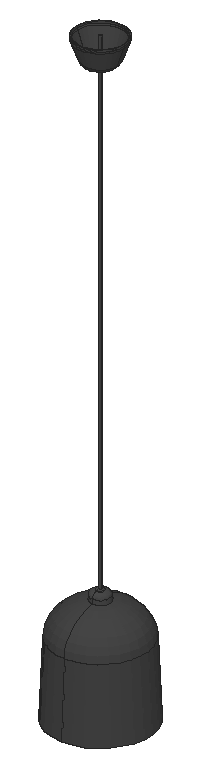
Revit family "Lighting_Pendants_Nordlux_Angle_E27", category Lighting Fixtures, Revit 2017
Family settings
  Round Connector Dimension = Use Diameter
  Part Type = Normal
  OmniClass Number = 23.80.70.00
  OmniClass Title = Lighting
  Work Plane-Based = No
  Always vertical = Yes
  Cut with Voids When Loaded = No
  Light Source = Yes
  Shared = No
  Room Calculation Point = No
Parameters (values of type "Angle E27 - Black")
  WireHeight [instance] = 1000 mm
  WireHeightControl [instance] = if(WireHeight < 300 mm, 300 mm, if(WireHeight > 3000 mm, 3000 mm, WireHeight))  # 1000 mm
  Wattage = 9.2903 W
  WarrantyStartDate [instance] = "n/a"
  WarrantyGuarantorParts = "n/a"
  WarrantyGuarantorLabor = "n/a"
  WarrantyDurationUnit = "Hours"
  WarrantyDurationParts = "n/a"
  WarrantyDurationLabor = "n/a"
  WarrantyDescription = "n/a"
  built-in parameter 1150110 = 1 (stored number, unit not read)
  VersionDate = "19/11/2020"  # constant formula
  Version = "1"  # constant formula
  UsageCurrent = 0 A
  Uniclass2015Reference = "Pr_70_70_48_62"
  Uniclass2015Description = "Pendant luminaires\r\n"
  Uniclass2 = "Pr_70_70_49_86"
  URL = "https://www.nordlux.com/products/product/2020673003"
  TotalWattage = 60 W
  built-in parameter 1114217 = 1 (stored number, unit not read)
  Tilt Angle = 90.00°
  built-in parameter 1150109 = 1 (stored number, unit not read)
  built-in parameter 1150134 = (empty or 0)
  TagNumber [instance] = "n/a"
  SustainabilityPerformance = "n/a"
  built-in parameter 1150113 = 1 (stored number, unit not read)
  built-in parameter 1010507 = 1.5708 (stored number, unit not read)
  built-in parameter 1010506 = 0.5236 (stored number, unit not read)
  Size = "206x206x247 mm"
  Shape = "Sculptured"
  SerialNumber [instance] = "n/a"
  Revision = "n/a"
  ReplacementCost = "n/a"
  ProductInformation = "Angle is contemporary and exclusive lighting with an industrial look. The special feature of this lamp is the ability to determine the direction of the light via the magnet mounted on the cord. The lamp looks great in clusters of several units which are angled differently. It creates a gorgeous expression and adds a bit of ambience to any room. Designed by Maria Berntsen. Angle in black is very modern and has lots of uses – for example, use it to illuminate the reading corner or in the kitchen, where the light can be directed to where the need is particularly great."
  ProductDatasheet = "http://pim.skypim.com/show?objectid=327103381&template=ORG"
  Product data url = ""
  PhaseReference = "n/a"
  PhaseAngle = 0.00°
  NumberOfSources = 0
  NumberOfPoles = 1
  NominalWidth = 206 mm
  NominalVoltageCalc = 0 V
  NominalVoltage = 230 V
  NominalRadius = NominalDiameter / 2  # 103 mm
  NominalLength = 206 mm
  NominalHeight = 247.178 mm
  NominalFrequencyRange = 50 Hz
  NominalDiameter = NominalLength  # 206 mm
  NominalCurrent = 0 A
  Name = "Angle_E27"
  NBSReference = "90-60-50/405"
  NBSDescription = "General purpose luminaires"
  ModelReference = ArticleNumber  # "2020673003"
  ModelNumber = "n/a"
  Model = "Angle E27 - Black"
  Material = "Metal & Plastic"  # constant formula
  ManufacturersSpecificInformation = "n/a"
  ManufacturerURL = "https://www.nordlux.com/"
  ManufacturerName = "Nordlux"
  Manufacturer = "Nordlux"
  MaintenanceFactor = 0
  Lumens = 1380 lm
  built-in parameter 1150115 = 1 (stored number, unit not read)
  built-in parameter 1150105 = 4614.1 (stored number, unit not read)
  LightFixtureSecondaryMaterial = Plastic, Opaque Black
  LightFixturePlacingType = "Ceiling"
  LightFixtureMountingType = "Suspended"
  LightFixtureMainMaterial = Black Metal
  Light Source Symbol Length = 300 mm
  built-in parameter 1150137 = (empty or 0)
  built-in parameter 1150139 = (empty or 0)
  built-in parameter 1150112 = 1 (stored number, unit not read)
  built-in parameter 1150114 = 1 (stored number, unit not read)
  InsulationStandardClass = "Class 2 Double Isolated"
  InstallationDate [instance] = "n/a"
  built-in parameter 1150132 = 2
  built-in parameter 1150102 = (empty or 0)
  built-in parameter 1150138 = (empty or 0)
  built-in parameter 1150107 = 3000 (stored number, unit not read)
  built-in parameter 1150106 = 46.141 (stored number, unit not read)
  IfcExportType = "NOTDEFINED"  # constant formula
  IfcExportAs = "IfcLightFixtureType"  # constant formula
  IP_Code = "IP20"
  HasProtectiveEarth = no
  Grade = "n/a"
  Finish = "n/a"
  Features = "Lamp can be dimmed with compatible bulb.Magnet on the textile cord for directing the light in any direction."
  ExpectedLife = "n/a"
  ElectricalDeviceNominalPower = 0
  built-in parameter 1150104 = 13.8 (stored number, unit not read)
  EAN Number = "5704924003035"
  DurationUnit = "Hours"
  Dimming Lamp Color Temperature Shift = <None>
  Designer = "Maria Berntsen"
  Description = "Angle is contemporary and exclusive lighting with an industrial look. The special feature of this lamp is the ability to determine the direction of the light via the magnet mounted on the cord. The lamp looks great in clusters of several units which are angled differently. It creates a gorgeous expression and adds a bit of ambience to any room. Designed by Maria Berntsen. Angle in black is very modern and has lots of uses – for example, use it to illuminate the reading corner or in the kitchen, where the light can be directed to where the need is particularly great."
  DefaultElevation = 4000 mm
  Cost = 0  # constant formula
  ConvergoRefNr = "0143-2009-0015-DK"
  Constituents = "n/a"
  Color Filter = 16777215
  Color = "Black"
  Collection = "Angle E27"
  CodePerformance = "n/a"
  Category = "Pendants"
  Brand = "Nordlux"
  Barcode [instance] = "n/a"
  built-in parameter 1114218 = 1 (stored number, unit not read)
  BIMObjectName = "Lighting_Pendants_Nordlux_Angle_E27"
  Author = "Convergo AB"  # constant formula
  built-in parameter 1150133 = 10 (stored number, unit not read)
  AssetType = "Fixed"
  AssetIdentifier [instance] = "n/a"
  ArticleNumber = "2020673003"
  AccessibilityPerformance = "n/a"
Types (4, lengths in mm): name | URL | ProductInformation | ProductDatasheet | ModelReference | Model | LightFixtureSecondaryMaterial | LightFixtureMainMaterial | EAN Number | Description | Color | ArticleNumber
  (no name) | "https://www.nordlux.com/products/product/2020673003" | "Angle is contemporary and exclusive lighting with an industrial look. The special feature of this lamp is the ability to determine the direction of the light via the magnet mounted on the cord. The lamp looks great in clusters of several units which are angled differently. It creates a gorgeous expression and adds a bit of ambience to any room. Designed by Maria Berntsen. Angle in black is very modern and has lots of uses – for example, use it to illuminate the reading corner or in the kitchen, where the light can be directed to where the need is particularly great." | "http://pim.skypim.com/show?objectid=327103381&template=ORG" | "2020673003" | "Angle E27 - Black" | Plastic, Opaque Black | Black Metal | "5704924003035" | "Angle is contemporary and exclusive lighting with an industrial look. The special feature of this lamp is the ability to determine the direction of the light via the magnet mounted on the cord. The lamp looks great in clusters of several units which are angled differently. It creates a gorgeous expression and adds a bit of ambience to any room. Designed by Maria Berntsen. Angle in black is very modern and has lots of uses – for example, use it to illuminate the reading corner or in the kitchen, where the light can be directed to where the need is particularly great." | "Black" | "2020673003"
  Angle E27 - Black | "https://www.nordlux.com/products/product/2020673003" | "Angle is contemporary and exclusive lighting with an industrial look. The special feature of this lamp is the ability to determine the direction of the light via the magnet mounted on the cord. The lamp looks great in clusters of several units which are angled differently. It creates a gorgeous expression and adds a bit of ambience to any room. Designed by Maria Berntsen. Angle in black is very modern and has lots of uses – for example, use it to illuminate the reading corner or in the kitchen, where the light can be directed to where the need is particularly great." | "http://pim.skypim.com/show?objectid=327103381&template=ORG" | "2020673003" | "Angle E27 - Black" | Plastic, Opaque Black | Black Metal | "5704924003035" | "Angle is contemporary and exclusive lighting with an industrial look. The special feature of this lamp is the ability to determine the direction of the light via the magnet mounted on the cord. The lamp looks great in clusters of several units which are angled differently. It creates a gorgeous expression and adds a bit of ambience to any room. Designed by Maria Berntsen. Angle in black is very modern and has lots of uses – for example, use it to illuminate the reading corner or in the kitchen, where the light can be directed to where the need is particularly great." | "Black" | "2020673003"
  Angle E27 - White-grey | "https://www.nordlux.com/products/product/2020673001" | "Angle is contemporary and exclusive lighting with an industrial look. The special feature of this lamp is the ability to determine the direction of the light via the magnet mounted on the cord. The lamp looks great in clusters of several units which are angled differently. It creates a gorgeous expression and adds a bit of ambience to any room. Designed by Maria Berntsen. Angle in white-grey is very modern and has lots of uses – for example, use it to illuminate the reading corner or in the kitchen, where the light can be directed to where the need is particularly great." | "http://pim.skypim.com/show?objectid=327103039&template=ORG" | "2020673001" | "Angle E27 - White-grey" | Plastic, Opaque White | White Metal | "5704924003028" | "Angle is contemporary and exclusive lighting with an industrial look. The special feature of this lamp is the ability to determine the direction of the light via the magnet mounted on the cord. The lamp looks great in clusters of several units which are angled differently. It creates a gorgeous expression and adds a bit of ambience to any room. Designed by Maria Berntsen. Angle in white-grey is very modern and has lots of uses – for example, use it to illuminate the reading corner or in the kitchen, where the light can be directed to where the need is particularly great." | "White-grey" | "2020673001"
  Angle E27 - Grey | "https://www.nordlux.com/products/product/2020673011" | "Angle is contemporary and exclusive lighting with an industrial look. The special feature of this lamp is the ability to determine the direction of the light via the magnet mounted on the cord. The lamp looks great in clusters of several units which are angled differently. It creates a gorgeous expression and adds a bit of ambience to any room. Designed by Maria Berntsen. Angle in grey is very modern and has lots of uses – for example, use it to illuminate the reading corner or in the kitchen, where the light can be directed to where the need is particularly great." | "http://pim.skypim.com/show?objectid=327103721&template=ORG" | "2020673011" | "Angle E27 - Grey" | Plastic, Opaque Grey | Grey Metal | "5704924003042" | "Angle is contemporary and exclusive lighting with an industrial look. The special feature of this lamp is the ability to determine the direction of the light via the magnet mounted on the cord. The lamp looks great in clusters of several units which are angled differently. It creates a gorgeous expression and adds a bit of ambience to any room. Designed by Maria Berntsen. Angle in grey is very modern and has lots of uses – for example, use it to illuminate the reading corner or in the kitchen, where the light can be directed to where the need is particularly great." | "Grey" | "2020673011"
Reference planes
  plane 1 "Light Source Axis (F/B)": y = 0
  plane 2: z = 0
  plane 3 "Light Source Axis (L/R)": x = 0
  plane 4 "Light Source Elevation": z = 2822.636
  plane 5: x = -103
  plane 6: x = 103
  plane 7: y = -103
  plane 8: y = 103
  plane 9: z = 4000
  plane 10: z = 3946.225
  plane 11: z = 2946.225
  plane 12: z = 2699.047
  plane 13: x = -103
  plane 14: x = 103
  plane 15: y = -103
  plane 16: y = 103
Forms (mm)
  Extrusion 1, solid, material "Plastic, Opaque Black" <- "LightFixtureSecondaryMaterial", detail levels medium+fine
    sketch origin (0, 0, 0) x (1, 0, 0) y (0, 1, 0)
      loop
        circle (0, 0) r 3
    from 2946.225 to 3946.225
  Extrusion 2, solid, material "Black Metal" <- "LightFixtureMainMaterial", detail levels coarse
    sketch origin (0, 0, 0) x (0, 1, 0) y (0, 0, 1)
      loop
        line (103, 4000) -> (-103, 4000) -> (-103, 2699.047) -> (103, 2699.047) -> (103, 4000)
    from -103 to 103
  Extrusion 3, solid, material "Plastic, Opaque Black" <- "LightFixtureSecondaryMaterial", detail levels medium+fine
    sketch origin (0, 0, 0) x (1, 0, 0) y (0, 1, 0)
      loop
        circle (0, 0) r 3
    from 4000 to 3946.225
Lines and regions (mm)
  symbolic lines, detail levels medium+fine
    curve 1: line (-3, 0, 2946.225) -> (-3, 0, 3946.225)
    curve 2: line (3, 0, 3946.225) -> (3, 0, 2946.225)
    curve 3: line (0, 3, 2946.225) -> (0, 3, 3946.225)
    curve 4: line (0, -3, 2946.225) -> (0, -3, 3946.225)
Dimensions and locks
  equal spacing: plane 5, imposter light, plane 6
  equal spacing: plane 8, imposter light, plane 7
  "DefaultElevation": plane 9 to level
  locked: plane 9 to plane 10 at 53.775
  "WireHeightControl": plane 10 to plane 11
  Extrusion 2 sketch curve to Extrusion 2 sketch curve = 206 mm
  locked: plane 4 "Light Source Elevation" to plane 12 at 123.589
  "NominalHeight": plane 11 to plane 12
  equal spacing: plane 13, plane 3 "Light Source Axis (L/R)", plane 14
  equal spacing: plane 15, plane 1 "Light Source Axis (F/B)", plane 16
  "NominalLength": plane 13 to plane 14
  "NominalWidth": plane 15 to plane 16
  aligned and locked: plane 3 "Light Source Axis (L/R)" to imposter light
  aligned and locked: imposter light to plane 1 "Light Source Axis (F/B)"
  aligned and locked: plane 4 "Light Source Elevation" to imposter light
  aligned and locked: level to plane 2
  aligned and locked: nested 2 to plane 9
  aligned and locked: plane 10 to nested 2
  aligned and locked: plane 11 to nested 1
  aligned and locked: plane 10 to Extrusion 1
  aligned and locked: Extrusion 1 to plane 11
  aligned and locked: Extrusion 2 sketch curve to nested 1
  aligned and locked: Extrusion 3 to nested 2  (x2)
  aligned and locked: plane 11 to curve 1
  aligned and locked: plane 11 to curve 2
  aligned and locked: plane 10 to curve 1
  aligned and locked: plane 10 to curve 2
  aligned and locked: plane 11 to curve 3
  aligned and locked: plane 11 to curve 4
  aligned and locked: plane 10 to curve 3
  aligned and locked: plane 10 to curve 4
  aligned and locked: plane 12 to Extrusion 2
Automatic sketch dimensions
  plane 1 "Light Source Axis (F/B)" to Extrusion 1 sketch curve = 0 mm
  Extrusion 1 sketch curve to plane 3 "Light Source Axis (L/R)" = 0 mm
  Extrusion 2 sketch curve to plane 7 = 0 mm
  Extrusion 2 sketch curve to plane 9 = 0 mm
  Extrusion 3 sketch curve to plane 3 "Light Source Axis (L/R)" = 0 mm
  Extrusion 3 sketch curve to plane 8 = 103 mm
  curve 1 to plane 3 "Light Source Axis (L/R)" = 3 mm
  plane 3 "Light Source Axis (L/R)" to curve 2 = 3 mm
  plane 1 "Light Source Axis (F/B)" to curve 4 = 3 mm
  curve 3 to plane 1 "Light Source Axis (F/B)" = 3 mm
  radius of Extrusion 1 sketch curve = 3 mm
  radius of Extrusion 3 sketch curve = 3 mm
Nested families
  nested 1: "Angle E27_Body" at (0, 0, 2699.047), Material 1 <- "LightFixtureMainMaterial", Material 2 <- "LightFixtureSecondaryMaterial", Wire <- "WireHeightControl", type "Angle E27_Body"
    with Wire 1000 mm, Material 2 Plastic, Opaque Black, Material 1 Black Metal
  nested 2: "Angle E27_celing" at (0, 0, 3915.065), Material1 <- "LightFixtureMainMaterial", type "Angle E27_celing"
    with Material1 Black Metal
Connectors
  electrical at (0, 0, 4000), driven by "NominalVoltage"
    settings: on Extrusion 3, index 1, voltage 230 V, apparent load 0 VA, apparent load phase1 0 VA, apparent load phase2 0 VA, apparent load phase3 0 VA, power factor 1, load classification "Other", number of poles 1, system type 31, power factor state 1, is connector primary yes, connector utility no, sub classification motor no, connector description ""
Definition of nested family "Angle E27_Body"
  Parameters (values of type "Angle E27_Body")
    Wire [instance] = 175.086 mm
    Material 2 [instance] = none
    Material 1 [instance] = none
  Reference planes
    plane 1 "Center (Front/Back)": y = 0
    plane 2: z = 0
    plane 3 "Center (Left/Right)": x = 0
    plane 4: x = -103
    plane 5: x = 103
    plane 6: y = 103
    plane 7: y = -103
    plane 8: z = 247.178
  Forms (mm)
    Revolve 1, solid, material <- "Material 1", detail levels medium+fine
      sketch origin (0, 0, 0) x (0, 1, 0) y (0, 0, 1)
        loop
          line (0, 228.259) -> (0, 226.259)
          spline (0, 226.259) -> (12.198, 225.636) -> (24.184, 223.796) -> (35.751, 220.782) -> (46.695, 216.636) -> (56.824, 211.426) -> (65.965, 205.256) -> (73.963, 198.238) -> (80.682, 190.497) -> (86.019, 182.171) -> (89.887, 173.404) -> (92.228, 164.344) -> (93.014, 155.136)
          line (93.014, 155.136) -> (96.814, 81.286) -> (0, 81.286) -> (0, 79.286) -> (96.917, 79.286) -> (100.997, 0) -> (103, 0) -> (95.017, 155.134)
          spline (95.017, 155.134) -> (94.204, 164.679) -> (91.779, 174.06) -> (87.784, 183.118) -> (82.287, 191.696) -> (75.382, 199.65) -> (67.187, 206.841) -> (57.842, 213.148) -> (47.508, 218.462) -> (36.361, 222.692) -> (24.592, 225.767) -> (12.402, 227.633) -> (0, 228.259)
        axis (0, 228.259) -> (0, 0)
      angle from 0 to 360
    Revolve 2, solid, material <- "Material 2", detail levels medium+fine
      sketch origin (0, 0, 0) x (0, 1, 0) y (0, 0, 1)
        loop
          line (20.131, 224.357) -> (19.619, 234.845)
          arc (19.619, 234.845) -> (16.528, 241.599) -> (9.631, 244.357) r 10
          line (9.631, 244.357) -> (8.071, 244.357)
          arc (8.071, 244.357) -> (7.62, 244.512) -> (7.359, 244.911) r 0.734
          arc (7.359, 244.911) -> (6.292, 246.545) -> (4.447, 247.178) r 3.004
          line (4.447, 247.178) -> (0, 247.178) -> (0, 224.357) -> (20.131, 224.357)
        axis (0, 224.357) -> (0, 247.178)
      angle from 0 to 360
  Lines and regions (mm)
    symbolic lines, detail levels medium+fine
      curve 1: circle (0, 0, 0) r 103 normal (0, 0, 1)
      curve 4: line (3, 0, 247.178) -> (4.462, 0, 247.178)
      curve 5: arc (4.462, 0, 247.178) -> (6.309, 0, 246.542) -> (7.373, 0, 244.904) r 3
      curve 6: arc (7.373, 0, 244.904) -> (7.617, 0, 244.525) -> (8.041, 0, 244.37) r 0.705
      curve 8: line (8.041, 0, 244.37) -> (9.643, 0, 244.37)
      curve 9: arc (9.643, 0, 244.37) -> (16.233, 0, 241.903) -> (19.584, 0, 235.715) r 10.036
      curve 10: line (19.584, 0, 235.715) -> (19.961, 0, 228.522)
      curve 11: arc (19.961, 0, 228.522) -> (19.498, 0, 227.463) -> (18.373, 0, 227.197) r 1.292
      curve 12: line (18.373, 0, 227.197) -> (15.575, 0, 227.197)
      curve 13: spline (95.017, 0, 155.134) -> (94.365, 0, 163.675) -> (92.419, 0, 172.098) -> (89.206, 0, 180.288) -> (84.769, 0, 188.134) -> (79.17, 0, 195.527) -> (72.485, 0, 202.366) -> (64.805, 0, 208.557) -> (56.237, 0, 214.016) -> (46.898, 0, 218.667) -> (36.915, 0, 222.446) -> (26.426, 0, 225.303) -> (15.575, 0, 227.197)
      curve 14: line (95.017, 0, 155.134) -> (103, 0, 0)
      curve 15: line (103, 0, 0) -> (0, 0, 0)
      curve 18: line (-3, 0, 247.178) -> (-4.462, 0, 247.178)
      curve 19: arc (-4.462, 0, 247.178) -> (-6.309, 0, 246.542) -> (-7.373, 0, 244.904) r 3
      curve 20: arc (-7.373, 0, 244.904) -> (-7.617, 0, 244.525) -> (-8.041, 0, 244.37) r 0.705
      curve 22: line (-8.041, 0, 244.37) -> (-9.643, 0, 244.37)
      curve 23: arc (-9.643, 0, 244.37) -> (-16.233, 0, 241.903) -> (-19.584, 0, 235.715) r 10.036
      curve 24: line (-19.584, 0, 235.715) -> (-19.961, 0, 228.522)
      curve 25: arc (-19.961, 0, 228.522) -> (-19.498, 0, 227.463) -> (-18.373, 0, 227.197) r 1.292
      curve 26: line (-18.373, 0, 227.197) -> (-15.575, 0, 227.197)
      curve 27: spline (-95.017, 0, 155.134) -> (-94.365, 0, 163.675) -> (-92.419, 0, 172.098) -> (-89.206, 0, 180.288) -> (-84.769, 0, 188.134) -> (-79.17, 0, 195.527) -> (-72.485, 0, 202.366) -> (-64.805, 0, 208.557) -> (-56.237, 0, 214.016) -> (-46.898, 0, 218.667) -> (-36.915, 0, 222.446) -> (-26.426, 0, 225.303) -> (-15.575, 0, 227.197)
      curve 28: line (-95.017, 0, 155.134) -> (-103, 0, 0)
      curve 29: line (-103, 0, 0) -> (0, 0, 0)
      curve 32: line (0, 3, 247.178) -> (0, 4.534, 247.178)
      curve 33: arc (0, 4.534, 247.178) -> (0, 6.369, 246.525) -> (0, 7.381, 244.861) r 2.908
      curve 34: arc (0, 7.381, 244.861) -> (0, 7.613, 244.489) -> (0, 8.03, 244.356) r 0.634
      curve 35: line (0, 8.03, 244.356) -> (0, 9.849, 244.356)
      curve 36: arc (0, 9.849, 244.356) -> (0, 16.073, 242.106) -> (0, 19.419, 236.396) r 9.733
      curve 37: line (0, 19.419, 236.396) -> (0, 19.565, 235.609)
      curve 38: line (0, 19.565, 235.609) -> (0, 19.93, 228.643)
      curve 39: arc (0, 19.93, 228.643) -> (0, 19.572, 227.633) -> (0, 18.605, 227.172) r 1.4
      curve 40: line (0, 18.605, 227.172) -> (0, 16.123, 227.172)
      curve 42: spline (0, 95.017, 155.134) -> (0, 94.37, 163.645) -> (0, 92.441, 172.039) -> (0, 89.254, 180.204) -> (0, 84.853, 188.028) -> (0, 79.298, 195.404) -> (0, 72.664, 202.233) -> (0, 65.042, 208.421) -> (0, 56.535, 213.884) -> (0, 47.26, 218.549) -> (0, 37.341, 222.35) -> (0, 26.915, 225.238) -> (0, 16.123, 227.172)
      curve 43: line (0, 95.017, 155.134) -> (0, 103, 0)
      curve 44: line (0, 103, 0) -> (0, 0, 0)
      curve 46: line (0, -3, 247.178) -> (0, -4.534, 247.178)
      curve 47: arc (0, -4.534, 247.178) -> (0, -6.369, 246.525) -> (0, -7.381, 244.861) r 2.908
      curve 48: arc (0, -7.381, 244.861) -> (0, -7.613, 244.489) -> (0, -8.03, 244.356) r 0.634
      curve 49: line (0, -8.03, 244.356) -> (0, -9.849, 244.356)
      curve 50: arc (0, -9.849, 244.356) -> (0, -16.073, 242.106) -> (0, -19.419, 236.396) r 9.733
      curve 51: line (0, -19.419, 236.396) -> (0, -19.565, 235.609)
      curve 52: line (0, -19.565, 235.609) -> (0, -19.93, 228.643)
      curve 53: arc (0, -19.93, 228.643) -> (0, -19.572, 227.633) -> (0, -18.605, 227.172) r 1.4
      curve 54: line (0, -18.605, 227.172) -> (0, -16.123, 227.172)
      curve 56: spline (0, -95.017, 155.134) -> (0, -94.37, 163.645) -> (0, -92.441, 172.039) -> (0, -89.254, 180.204) -> (0, -84.853, 188.028) -> (0, -79.298, 195.404) -> (0, -72.664, 202.233) -> (0, -65.042, 208.421) -> (0, -56.535, 213.884) -> (0, -47.26, 218.549) -> (0, -37.341, 222.35) -> (0, -26.915, 225.238) -> (0, -16.123, 227.172)
      curve 57: line (0, -95.017, 155.134) -> (0, -103, 0)
      curve 58: line (0, -103, 0) -> (0, 0, 0)
    symbolic lines, detail levels fine
      curve 2: circle (0, 0, 0) r 95 normal (0, 0, 1)
      curve 3: line (3, 0, 247.178) -> (0, 0, 247.178)
      curve 7: line (8.041, 0, 244.37) -> (0, 0, 244.37)
      curve 16: line (15.575, 0, 227.197) -> (0, 0, 227.197)
      curve 17: line (-3, 0, 247.178) -> (0, 0, 247.178)
      curve 21: line (-8.041, 0, 244.37) -> (0, 0, 244.37)
      curve 30: line (-15.575, 0, 227.197) -> (0, 0, 227.197)
      curve 31: line (0, 3, 247.178) -> (0, 0, 247.178)
      curve 41: line (0, 16.123, 227.172) -> (0, 0, 227.172)
      curve 45: line (0, -3, 247.178) -> (0, 0, 247.178)
      curve 55: line (0, -16.123, 227.172) -> (0, 0, 227.172)
  Dimensions and locks
    equal spacing: plane 4, plane 3 "Center (Left/Right)", plane 5
    locked: plane 4 to plane 5 at 206
    equal spacing: plane 6, plane 1 "Center (Front/Back)", plane 7
    locked: plane 6 to plane 7 at 206
    aligned and locked: level to plane 2
    aligned and locked: level to Revolve 1
    aligned and locked: Revolve 2 sketch curve to plane 8
  Automatic sketch dimensions
    Revolve 1 sketch curve to plane 1 "Center (Front/Back)" = 0 mm  (x3)
    Revolve 1 sketch curve to level = 0 mm
    Revolve 1 sketch curve to plane 6 = 0 mm
    Revolve 1 sketch curve to plane 6 = 9.986 mm
    plane 8 to Revolve 1 sketch curve = 92.044 mm
    Revolve 1 sketch curve to Revolve 1 sketch curve = 0.002 mm
    plane 8 to Revolve 1 sketch curve = 20.919 mm
    Revolve 1 sketch curve to Revolve 1 sketch curve = 2 mm  (x2)
    Revolve 1 sketch curve to plane 6 = 6.083 mm
    Revolve 1 sketch curve to Revolve 1 sketch curve = 0.103 mm
    Revolve 1 sketch curve to level = 5 mm
    Revolve 1 sketch curve to Revolve 1 sketch curve = 15 mm
    level to Revolve 1 sketch curve = 79.286 mm
    curve 1 to curve 2 = 0 mm  (x2)
    plane 1 "Center (Front/Back)" to curve 2 = 0 mm
    curve 2 to plane 3 "Center (Left/Right)" = 0 mm
    curve 29 to level = 0 mm
    curve 29 to plane 4 = 0 mm
    curve 19 to plane 8 = 0 mm
    curve 27 to plane 3 "Center (Left/Right)" = 0 mm
    curve 15 to plane 3 "Center (Left/Right)" = 0 mm
    curve 13 to plane 3 "Center (Left/Right)" = 0 mm
    curve 16 to plane 3 "Center (Left/Right)" = 0 mm
    curve 17 to plane 3 "Center (Left/Right)" = 0 mm
    curve 7 to plane 3 "Center (Left/Right)" = 0 mm
    curve 15 to plane 5 = 0 mm
    plane 4 to curve 28 = 7.983 mm
    curve 24 to plane 3 "Center (Left/Right)" = 19.961 mm
    curve 24 to curve 24 = 0.377 mm
    curve 24 to curve 25 = 1.29 mm
    curve 25 to curve 26 = 0.297 mm
    curve 25 to curve 26 = 2.798 mm
    plane 8 to curve 22 = 2.808 mm
    curve 22 to plane 3 "Center (Left/Right)" = 9.643 mm
    curve 22 to curve 20 = 1.586 mm
    curve 20 to curve 21 = 0.016 mm
    curve 20 to curve 19 = 3.578 mm
    curve 18 to curve 17 = 1.462 mm
    curve 3 to curve 4 = 3 mm
    curve 3 to curve 4 = 1.462 mm
    curve 5 to curve 7 = 3.578 mm
    curve 7 to curve 6 = 0.016 mm
    curve 7 to curve 8 = 1.602 mm
    curve 9 to curve 16 = 5.932 mm
    curve 13 to curve 12 = 2.798 mm
    curve 12 to curve 11 = 0.297 mm
    plane 8 to curve 10 = 11.463 mm
    curve 11 to curve 10 = 0.914 mm
    curve 11 to curve 10 = 1.29 mm
    curve 14 to plane 5 = 7.983 mm
    plane 8 to curve 14 = 92.044 mm
    plane 8 to curve 28 = 92.044 mm
    curve 16 to curve 9 = 7.137 mm
    curve 26 to curve 25 = 1.258 mm
    curve 12 to curve 11 = 1.258 mm
    curve 27 to curve 23 = 7.137 mm
    curve 5 to curve 4 = 3 mm
    curve 19 to curve 18 = 3 mm
    curve 21 to curve 20 = 0.705 mm
    curve 7 to curve 6 = 0.705 mm
    curve 58 to level = 0 mm
    curve 58 to plane 7 = 0 mm
    plane 8 to curve 47 = 0 mm
    curve 56 to plane 1 "Center (Front/Back)" = 0 mm
    curve 41 to plane 1 "Center (Front/Back)" = 0 mm
    curve 44 to plane 1 "Center (Front/Back)" = 0 mm
    curve 45 to plane 1 "Center (Front/Back)" = 0 mm
    curve 42 to plane 1 "Center (Front/Back)" = 0 mm
    curve 44 to plane 6 = 0 mm
    plane 7 to curve 57 = 7.983 mm
    plane 1 "Center (Front/Back)" to curve 52 = 19.93 mm
    curve 53 to curve 52 = 0.365 mm
    curve 51 to curve 51 = 0.146 mm
    curve 52 to curve 54 = 1.325 mm
    curve 52 to curve 53 = 1.398 mm
    curve 53 to curve 55 = 2.482 mm
    plane 8 to curve 49 = 2.822 mm
    plane 1 "Center (Front/Back)" to curve 49 = 9.849 mm
    curve 49 to curve 49 = 1.819 mm
    curve 48 to curve 48 = 0.028 mm
    curve 48 to curve 46 = 3.468 mm
    curve 47 to curve 45 = 1.534 mm
    curve 32 to plane 1 "Center (Front/Back)" = 3 mm
    curve 31 to curve 33 = 1.534 mm
    plane 8 to curve 34 = 2.189 mm
    curve 33 to curve 34 = 3.468 mm
    curve 34 to curve 35 = 0.028 mm
    curve 35 to curve 35 = 1.819 mm
    curve 36 to curve 41 = 6.274 mm
    curve 42 to curve 39 = 2.409 mm
    curve 39 to curve 40 = 0.073 mm
    plane 8 to curve 37 = 10.782 mm
    curve 39 to curve 37 = 0.887 mm
    curve 37 to curve 38 = 0.146 mm
    curve 39 to curve 38 = 1.398 mm
    curve 43 to plane 6 = 7.983 mm
    plane 8 to curve 57 = 92.044 mm
    plane 8 to curve 43 = 92.044 mm
    curve 54 to curve 49 = 17.184 mm
    curve 40 to curve 39 = 1.398 mm
    curve 53 to curve 53 = 1.398 mm
    curve 36 to curve 36 = 1.773 mm
    curve 50 to curve 49 = 9.733 mm
    curve 38 to curve 37 = 0.788 mm
    curve 52 to curve 50 = 0.788 mm
    curve 47 to curve 46 = 2.908 mm
    curve 33 to curve 32 = 2.908 mm
    curve 48 to curve 48 = 0.633 mm
    Revolve 1 sketch curve to plane 6 = 2.003 mm
    Revolve 1 sketch curve to Revolve 1 sketch curve = 2.003 mm
    Revolve 2 sketch curve to plane 1 "Center (Front/Back)" = 0 mm  (x2)
    Revolve 2 sketch curve to Revolve 2 sketch curve = 4.447 mm
    Revolve 2 sketch curve to Revolve 2 sketch curve = 3.624 mm
    Revolve 2 sketch curve to plane 1 "Center (Front/Back)" = 9.631 mm
    plane 8 to Revolve 2 sketch curve = 12.333 mm
    Revolve 2 sketch curve to Revolve 2 sketch curve = 9.988 mm
    Revolve 2 sketch curve to Revolve 2 sketch curve = 0.512 mm
    Revolve 2 sketch curve to Revolve 2 sketch curve = 0.487 mm
    Revolve 2 sketch curve to Revolve 2 sketch curve = 10 mm
    Revolve 2 sketch curve to Revolve 2 sketch curve = 3.004 mm
    Revolve 2 sketch curve to Revolve 2 sketch curve = 0.734 mm
    Revolve 2 sketch curve to Revolve 2 sketch curve = 0.179 mm
    Revolve 2 sketch curve to plane 8 = 1.102 mm
    radius of curve 1 = 103 mm
    radius of curve 2 = 95 mm
Definition of nested family "Angle E27_celing"
  Parameters (values of type "Angle E27_celing")
    Material1 [instance] = none
  Reference planes
    plane 1 "Center (Front/Back)": y = 0
    plane 2: z = 0
    plane 3 "Center (Left/Right)": x = 0
    plane 4: z = 31.16
  Forms (mm)
    Revolve 1, solid, material <- "Material1", detail levels medium+fine
      sketch origin (0, 0, 55) x (1, 0, 0) y (0, 0, 1)
        loop
          line (0, -21.84) -> (-24.972, -21.84)
          arc (-24.972, -21.84) -> (-30.707, -20.032) -> (-34.369, -15.26) r 10
          line (-34.369, -15.26) -> (-48.396, 23.278)
          arc (-48.396, 23.278) -> (-48.847, 24.962) -> (-48.999, 26.698) r 10
          line (-48.999, 26.698) -> (-48.999, 29.935) -> (-50.999, 29.935) -> (-50.999, 26.698)
          arc (-50.999, 26.698) -> (-50.816, 24.615) -> (-50.275, 22.594) r 12
          line (-50.275, 22.594) -> (-36.248, -15.945)
          arc (-36.248, -15.945) -> (-31.855, -21.67) -> (-24.972, -23.84) r 12
          line (-24.972, -23.84) -> (0, -23.84) -> (0, -21.84)
        axis (0, -23.84) -> (0, 29.935)
      angle from 0 to 360
  Lines and regions (mm)
    symbolic lines, detail levels fine
      curve 1: circle (0, 0, 0) r 50.999 normal (0, 0, 1)
      curve 2: circle (0, 0, 0) r 48.999 normal (0, 0, 1)
      curve 8: line (3, 0, 31.16) -> (0, 0, 31.16)
      curve 15: line (-3, 0, 31.16) -> (0, 0, 31.16)
      curve 18: line (0, 0, 31.16) -> (0, 3, 31.16)
      curve 26: line (0, 0, 31.16) -> (0, -3, 31.16)
    symbolic lines, detail levels medium+fine
      curve 3: line (50.999, 0, 84.935) -> (50.999, 0, 81.338)
      curve 4: arc (50.999, 0, 81.338) -> (50.849, 0, 79.642) -> (50.404, 0, 77.998) r 9.67
      curve 5: line (50.404, 0, 77.998) -> (36.122, 0, 38.747)
      curve 6: arc (36.122, 0, 38.747) -> (31.944, 0, 33.275) -> (25.391, 0, 31.16) r 11.53
      curve 7: line (3, 0, 31.16) -> (25.391, 0, 31.16)
      curve 9: line (50.999, 0, 84.935) -> (0, 0, 84.935)
      curve 10: line (-50.999, 0, 84.935) -> (-50.999, 0, 81.338)
      curve 11: arc (-50.999, 0, 81.338) -> (-50.849, 0, 79.642) -> (-50.404, 0, 77.998) r 9.67
      curve 12: line (-50.404, 0, 77.998) -> (-36.122, 0, 38.747)
      curve 13: arc (-36.122, 0, 38.747) -> (-31.944, 0, 33.275) -> (-25.391, 0, 31.16) r 11.53
      curve 14: line (-3, 0, 31.16) -> (-25.391, 0, 31.16)
      curve 16: line (-50.999, 0, 84.935) -> (0, 0, 84.935)
      curve 17: line (0, 50.999, 84.935) -> (0, 48.999, 84.935)
      curve 19: line (0, 48.999, 84.935) -> (0, 0, 84.935)
      curve 20: line (0, 50.999, 84.935) -> (0, 50.999, 81.302)
      curve 21: arc (0, 25, 31.16) -> (0, 31.643, 33.165) -> (0, 36.066, 38.512) r 12.004
      curve 22: line (0, 36.066, 38.512) -> (0, 50.396, 77.882)
      curve 23: arc (0, 50.999, 81.302) -> (0, 50.847, 79.566) -> (0, 50.396, 77.882) r 10
      curve 24: line (0, 3, 31.16) -> (0, 25, 31.16)
      curve 25: line (0, -50.999, 84.935) -> (0, -48.999, 84.935)
      curve 27: line (0, -48.999, 84.935) -> (0, 0, 84.935)
      curve 28: line (0, -50.999, 84.935) -> (0, -50.999, 81.302)
      curve 29: arc (0, -25, 31.16) -> (0, -31.643, 33.165) -> (0, -36.066, 38.512) r 12.004
      curve 30: line (0, -36.066, 38.512) -> (0, -50.396, 77.882)
      curve 31: arc (0, -50.999, 81.302) -> (0, -50.847, 79.566) -> (0, -50.396, 77.882) r 10
      curve 32: line (0, -3, 31.16) -> (0, -25, 31.16)
  Dimensions and locks
    aligned and locked: level to plane 2
